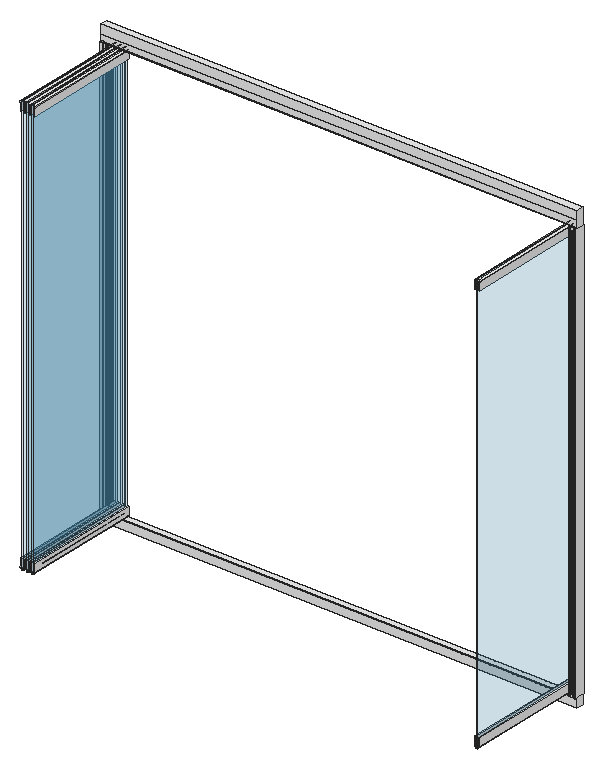
Revit family "Window-NanaWall-SL-25", category Windows, host Wall, Revit 2013 (continued)
Definition of nested family "Header_SL-25"
  Definition of nested family "Detail Item_Header_SL-25"
    Lines and regions (in)
      model lines, style "DetailComponents", in view "Ref. Level"
        curve 582: line (-0.27125, -6.98521, 0) -> (-0.42625, -6.98521, 0)
        curve 583: line (-0.25187, -6.94368, 0) -> (-0.25187, -6.96583, 0)
        curve 584: line (-0.25187, -6.96583, 0) -> (-0.25187, -6.94368, 0)
        curve 585: line (-0.25187, -6.94368, 0) -> (-0.27622, -6.91933, 0)
        curve 586: line (-0.42625, -6.88833, 0) -> (-0.37712, -6.88833, 0)
        curve 587: line (-0.37712, -6.88833, 0) -> (-0.42625, -6.88833, 0)
        curve 588: line (-0.42625, -6.88833, 0) -> (-0.37712, -6.88833, 0)
        curve 589: line (-0.42625, -6.81083, 0) -> (-0.37712, -6.81083, 0)
        curve 590: line (-0.37712, -6.81083, 0) -> (-0.42625, -6.81083, 0)
        curve 591: line (-0.42625, -6.81083, 0) -> (-0.37712, -6.81083, 0)
        curve 592: line (-0.27622, -6.77983, 0) -> (-0.2552, -6.75881, 0)
        curve 593: line (-0.50375, -6.69458, 0) -> (-0.50375, -6.22958, 0)
        curve 594: line (-0.50375, -6.22958, 0) -> (-0.50375, -6.69458, 0)
        curve 595: line (-0.50375, -6.69458, 0) -> (-0.50375, -6.22958, 0)
        curve 596: line (-0.44562, -5.00896, 0) -> (-0.44562, -5.24146, 0)
        curve 597: line (-0.44562, -5.24146, 0) -> (-0.44562, -5.00896, 0)
        curve 598: line (-0.44562, -5.00896, 0) -> (-0.44562, -5.24146, 0)
        curve 599: line (0.32163, -6.90771, 0) -> (0.32163, -6.92708, 0)
        curve 600: line (0.32163, -6.92708, 0) -> (0.39719, -6.92708, 0)
        curve 601: line (0.39719, -6.92708, 0) -> (0.43059, -6.83531, 0)
        curve 602: line (0.32938, -4.19521, 0) -> (0.39525, -4.19521, 0)
        curve 603: line (0.39525, -4.19521, 0) -> (0.39525, -4.23396, 0)
        curve 604: line (0.39525, -4.23396, 0) -> (0.34875, -4.23396, 0)
        curve 605: line (0.34875, -4.23396, 0) -> (0.34875, -4.29208, 0)
        curve 606: line (0.34875, -4.29208, 0) -> (0.56188, -4.29208, 0)
        curve 607: line (0.56188, -4.29208, 0) -> (0.56188, -4.23396, 0)
        curve 608: line (0.56188, -4.23396, 0) -> (0.51538, -4.23396, 0)
        curve 609: line (0.51538, -4.23396, 0) -> (0.51538, -4.19521, 0)
        curve 610: line (0.51538, -4.19521, 0) -> (0.62, -4.19521, 0)
        curve 611: line (0.62, -4.19521, 0) -> (0.62, -6.83021, 0)
        curve 612: line (0.29062, -4.23396, 0) -> (0.29062, -4.30018, 0)
        curve 613: line (0.40874, -4.36157, 0) -> (0.31935, -4.33761, 0)
        curve 614: line (0.50375, -4.34246, 0) -> (0.43666, -4.34246, 0)
        curve 615: line (0.43666, -4.34246, 0) -> (0.41573, -4.36002, 0)
        curve 616: line (0.5425, -6.83021, 0) -> (0.5425, -4.38121, 0)
        curve 617: line (0.44459, -6.83408, 0) -> (0.4855, -6.90495, 0)
        curve 618: line (0.89125, -1.12767, 0) -> (0.89125, -1.37274, 0)
        curve 619: line (-0.89125, -1.12767, 0) -> (-0.89125, -1.37274, 0)
        curve 620: line (-0.89125, -1.51517, 0) -> (-0.89125, -1.76024, 0)
        curve 621: line (-0.90094, -1.92348, 0) -> (-0.90094, -2.08333, 0)
        curve 622: line (-0.94937, -2.10271, 0) -> (-0.92031, -2.10271, 0)
        curve 623: line (0.89125, -1.51517, 0) -> (0.89125, -1.76024, 0)
        curve 624: line (0.90094, -1.92348, 0) -> (0.90094, -2.08333, 0)
        curve 625: line (0.92031, -2.10271, 0) -> (0.94938, -2.10271, 0)
        curve 626: line (-0.27706, -0.25821, 0) -> (-0.33906, -0.25821, 0)
        curve 627: line (-0.33906, -0.25821, 0) -> (-0.33906, -0.32796, 0)
        curve 628: line (-0.33906, -0.32796, 0) -> (-0.21312, -0.32796, 0)
        curve 629: line (-0.41656, -0.31633, 0) -> (-0.41656, -0.22333, 0)
        curve 630: line (-0.89125, -0.74017, 0) -> (-0.89125, -0.98524, 0)
        curve 631: line (-0.89125, -0.38949, 0) -> (-0.89125, -0.59774, 0)
        curve 632: line (-0.81808, -0.31823, 0) -> (-0.81347, -0.33543, 0)
        curve 633: line (-0.21312, -0.40546, 0) -> (-0.52312, -0.40546, 0)
        curve 634: line (-0.52312, -0.33571, 0) -> (-0.43594, -0.33571, 0)
        curve 635: line (-0.5425, -0.38608, 0) -> (-0.5425, -0.35508, 0)
        curve 636: line (-0.19375, -0.34733, 0) -> (-0.19375, -0.38608, 0)
        curve 637: line (-0.96875, -2.08333, 0) -> (-0.96875, -0.01021, 0)
        curve 638: line (-0.96875, -0.01021, 0) -> (-0.91062, -0.01021, 0)
        curve 639: line (-0.91062, -0.01021, 0) -> (-0.91062, -0.12646, 0)
        curve 640: line (-0.91062, -0.12646, 0) -> (-0.34681, -0.12646, 0)
        curve 641: line (-0.43594, -0.20396, 0) -> (-0.70572, -0.20396, 0)
        curve 642: line (-0.75978, -0.28173, 0) -> (-0.77698, -0.27713, 0)
        curve 643: line (0.25769, -0.23883, 0) -> (0.25769, -0.06058, 0)
        curve 644: line (0.25769, -0.06058, 0) -> (0.02014, -0.06058, 0)
        curve 645: line (0.02014, -0.06058, 0) -> (0, -0.04896, 0)
        curve 646: line (0, -0.04896, 0) -> (-0.02014, -0.06058, 0)
        curve 647: line (-0.02014, -0.06058, 0) -> (-0.25769, -0.06058, 0)
        curve 648: line (-0.25769, -0.06058, 0) -> (-0.25769, -0.23883, 0)
        curve 649: line (0.41656, -0.31633, 0) -> (0.41656, -0.22333, 0)
        curve 650: line (0.27706, -0.25821, 0) -> (0.33906, -0.25821, 0)
        curve 651: line (0.33906, -0.25821, 0) -> (0.33906, -0.32796, 0)
        curve 652: line (0.33906, -0.32796, 0) -> (0.21313, -0.32796, 0)
        curve 653: line (0.21313, -0.40546, 0) -> (0.52313, -0.40546, 0)
        curve 654: line (0.19375, -0.34733, 0) -> (0.19375, -0.38608, 0)
        curve 655: line (0.52313, -0.33571, 0) -> (0.43594, -0.33571, 0)
        curve 656: line (0.5425, -0.38608, 0) -> (0.5425, -0.35508, 0)
        curve 657: line (0.89125, -0.74017, 0) -> (0.89125, -0.98524, 0)
        curve 658: line (0.89125, -0.38949, 0) -> (0.89125, -0.59774, 0)
        curve 659: line (0.81808, -0.31823, 0) -> (0.81347, -0.33543, 0)
        curve 660: line (0.96875, -2.08333, 0) -> (0.96875, -0.01021, 0)
        curve 661: line (0.96875, -0.01021, 0) -> (0.91062, -0.01021, 0)
        curve 662: line (0.91062, -0.01021, 0) -> (0.91062, -0.12646, 0)
        curve 663: line (0.91062, -0.12646, 0) -> (0.34681, -0.12646, 0)
        curve 664: line (0.34681, -0.12646, 0) -> (0.34681, 0.02854, 0)
        curve 665: line (0.34681, 0.02854, 0) -> (-0.34681, 0.02854, 0)
        curve 666: line (-0.34681, 0.02854, 0) -> (-0.34681, -0.12646, 0)
        curve 667: line (0.43594, -0.20396, 0) -> (0.70572, -0.20396, 0)
        curve 668: line (0.75978, -0.28173, 0) -> (0.77698, -0.27713, 0)
        curve 669: line (-0.155, -0.32796, 0) -> (-0.155, -0.82783, 0)
        curve 670: line (-0.12594, -0.34346, 0) -> (-0.12594, -0.82783, 0)
        curve 671: line (0.12594, -0.34346, 0) -> (0.12594, -0.82783, 0)
        curve 672: line (0.155, -0.32796, 0) -> (0.155, -0.82783, 0)
        curve 673: line (0.25188, -1.06033, 0) -> (0.25188, -0.82783, 0)
        curve 674: line (0.25188, -0.82783, 0) -> (-0.25188, -0.82783, 0)
        curve 675: line (-0.25188, -0.82783, 0) -> (-0.25188, -1.06033, 0)
        curve 676: line (-0.25188, -1.03784, 0) -> (-0.22273, -1.04666, 0)
        curve 677: line (-0.22273, -1.04666, 0) -> (-0.1947, -1.05328, 0)
        curve 678: line (-0.1947, -1.05328, 0) -> (-0.16713, -1.05776, 0)
        curve 679: line (-0.16713, -1.05776, 0) -> (-0.13967, -1.06004, 0)
        curve 680: line (-0.13967, -1.06004, 0) -> (-0.11221, -1.06004, 0)
        curve 681: line (-0.11221, -1.06004, 0) -> (-0.08474, -1.05776, 0)
        curve 682: line (-0.08474, -1.05776, 0) -> (-0.05717, -1.05328, 0)
        curve 683: line (-0.05717, -1.05328, 0) -> (-0.02915, -1.04666, 0)
        curve 684: line (-0.02915, -1.04666, 0) -> (0, -1.03784, 0)
        curve 685: line (0.20203, -1.13783, 0) -> (-0.20203, -1.13783, 0)
        curve 686: line (-0.23726, -1.07154, 0) -> (-0.21278, -1.13066, 0)
        curve 687: line (-0.21278, -1.13066, 0) -> (0.21278, -1.13066, 0)
        curve 688: line (0.21278, -1.13066, 0) -> (0.23726, -1.07154, 0)
        curve 689: line (0.23726, -1.07154, 0) -> (-0.23726, -1.07154, 0)
        curve 690: line (0.25188, -1.06033, 0) -> (0.24219, -1.06592, 0)
        curve 691: line (0.24219, -1.06592, 0) -> (-0.24219, -1.06592, 0)
        curve 692: line (-0.24219, -1.06592, 0) -> (-0.25188, -1.06033, 0)
        curve 693: line (0.25188, -1.03784, 0) -> (0.22568, -1.04585, 0)
        curve 694: line (0.22568, -1.04585, 0) -> (0.20042, -1.05209, 0)
        curve 695: line (0.20042, -1.05209, 0) -> (0.17554, -1.05662, 0)
        curve 696: line (0.17554, -1.05662, 0) -> (0.15074, -1.05939, 0)
        curve 697: line (0.15074, -1.05939, 0) -> (0.12594, -1.06033, 0)
        curve 698: line (0.12594, -1.06033, 0) -> (0.101, -1.05938, 0)
        curve 699: line (0.101, -1.05938, 0) -> (0.07612, -1.05659, 0)
        curve 700: line (0.07612, -1.05659, 0) -> (0.0512, -1.05203, 0)
        curve 701: line (0.0512, -1.05203, 0) -> (0.026, -1.0458, 0)
        curve 702: line (0.026, -1.0458, 0) -> (0, -1.03784, 0)
        curve 703: line (0, -1.03784, 0) -> (0, -0.85033, 0)
        curve 704: line (0, -0.85033, 0) -> (-0.02635, -0.84227, 0)
        curve 705: line (-0.02635, -0.84227, 0) -> (-0.05166, -0.83603, 0)
        curve 706: line (-0.05166, -0.83603, 0) -> (-0.07652, -0.83152, 0)
        curve 707: line (-0.07652, -0.83152, 0) -> (-0.10124, -0.82876, 0)
        curve 708: line (-0.10124, -0.82876, 0) -> (-0.12594, -0.82783, 0)
        curve 709: line (-0.12594, -0.82783, 0) -> (-0.15064, -0.82876, 0)
        curve 710: line (-0.15064, -0.82876, 0) -> (-0.17536, -0.83152, 0)
        curve 711: line (-0.17536, -0.83152, 0) -> (-0.20022, -0.83603, 0)
        curve 712: line (-0.20022, -0.83603, 0) -> (-0.22553, -0.84227, 0)
        curve 713: line (-0.22553, -0.84227, 0) -> (-0.25188, -0.85033, 0)
        curve 714: line (0.25188, -0.85033, 0) -> (0.22568, -0.84231, 0)
        curve 715: line (0.22568, -0.84231, 0) -> (0.20042, -0.83608, 0)
        curve 716: line (0.20042, -0.83608, 0) -> (0.17554, -0.83154, 0)
        curve 717: line (0.17554, -0.83154, 0) -> (0.15074, -0.82877, 0)
        curve 718: line (0.15074, -0.82877, 0) -> (0.12594, -0.82783, 0)
        curve 719: line (0.12594, -0.82783, 0) -> (0.101, -0.82878, 0)
        curve 720: line (0.101, -0.82878, 0) -> (0.07612, -0.83158, 0)
        curve 721: line (0.07612, -0.83158, 0) -> (0.0512, -0.83613, 0)
        curve 722: line (0.0512, -0.83613, 0) -> (0.026, -0.84237, 0)
        curve 723: line (0.026, -0.84237, 0) -> (0, -0.85033, 0)
        curve 724: line (0.155, -0.34346, 0) -> (-0.155, -0.34346, 0)
        curve 725: line (0.2325, -0.07221, 0) -> (-0.2325, -0.07221, 0)
        curve 726: line (0.31, -0.32796, 0) -> (-0.31, -0.32796, 0)
        curve 727: line (-0.31, -0.32796, 0) -> (-0.31, -0.26596, 0)
        curve 728: line (-0.31, -0.26596, 0) -> (0.31, -0.26596, 0)
        curve 729: line (0.31, -0.26596, 0) -> (0.31, -0.32796, 0)
        curve 730: line (-0.25187, -0.09158, 0) -> (-0.25187, -0.26596, 0)
        curve 731: line (0.25188, -0.09158, 0) -> (0.25188, -0.26596, 0)
        curve 732: line (0.60644, -3.96271, 0) -> (0.60644, -3.92396, 0)
        curve 733: line (0.60644, -3.92396, 0) -> (0.42044, -3.92396, 0)
        curve 734: line (0.42044, -3.92396, 0) -> (0.42044, -3.96271, 0)
        curve 735: line (0.42044, -3.96271, 0) -> (0.60644, -3.96271, 0)
        curve 736: line (0.47409, -3.96271, 0) -> (0.43309, -4.19521, 0)
        curve 737: line (0.49376, -3.96271, 0) -> (0.45277, -4.19521, 0)
        curve 738: line (0.51344, -4.19521, 0) -> (0.51344, -3.96271, 0)
        curve 739: line (0.51344, -3.96271, 0) -> (0.47244, -4.19521, 0)
        curve 740: line (0.51344, -3.96271, 0) -> (0.55443, -4.19521, 0)
        curve 741: line (0.53311, -3.96271, 0) -> (0.57411, -4.19521, 0)
        curve 742: line (0.55279, -3.96271, 0) -> (0.59378, -4.19521, 0)
        curve 743: line (-0.42044, -3.96271, 0) -> (-0.42044, -3.92396, 0)
        curve 744: line (-0.42044, -3.92396, 0) -> (-0.60644, -3.92396, 0)
        curve 745: line (-0.60644, -3.92396, 0) -> (-0.60644, -3.96271, 0)
        curve 746: line (-0.60644, -3.96271, 0) -> (-0.42044, -3.96271, 0)
        curve 747: line (-0.55279, -3.96271, 0) -> (-0.59378, -4.19521, 0)
        curve 748: line (-0.53311, -3.96271, 0) -> (-0.57411, -4.19521, 0)
        curve 749: line (-0.51344, -4.19521, 0) -> (-0.51344, -3.96271, 0)
        curve 750: line (-0.51344, -3.96271, 0) -> (-0.55443, -4.19521, 0)
        curve 751: line (-0.51344, -3.96271, 0) -> (-0.47244, -4.19521, 0)
        curve 752: line (-0.49376, -3.96271, 0) -> (-0.45277, -4.19521, 0)
        curve 753: line (-0.47409, -3.96271, 0) -> (-0.43309, -4.19521, 0)
        curve 754: line (-0.19375, -6.92708, 0) -> (-0.19375, -6.94978, 0)
        curve 755: line (-0.19375, -6.86896, 0) -> (-0.20507, -6.90291, 0)
        curve 756: line (-0.19375, -6.81083, 0) -> (-0.20507, -6.84479, 0)
        curve 757: line (-0.19502, -6.75653, 0) -> (-0.20507, -6.78666, 0)
        curve 758: line (-0.20295, -6.73408, 0) -> (-0.21006, -6.72953, 0)
        curve 759: line (-0.23683, -6.73539, 0) -> (-0.26819, -6.78433, 0)
        curve 760: line (-0.26819, -6.91484, 0) -> (-0.25187, -6.9403, 0)
        curve 761: line (-0.25187, -6.94368, 0) -> (-0.25187, -6.96583, 0)
        curve 762: line (-0.25187, -6.96583, 0) -> (-0.25187, -6.97718, 0)
        curve 763: line (-0.2188, -6.99088, 0) -> (-0.2051, -6.97718, 0)
        curve 764: line (-0.29062, -6.28771, 0) -> (-0.29062, -6.29546, 0)
        curve 765: line (-0.29062, -6.33421, 0) -> (-0.29062, -6.51246, 0)
        curve 766: line (-0.29062, -6.55121, 0) -> (-0.29062, -6.55896, 0)
        curve 767: line (-0.42625, -6.61708, 0) -> (-0.42625, -6.69458, 0)
        curve 768: line (-0.42625, -6.69458, 0) -> (-0.42625, -6.61708, 0)
        curve 769: line (-0.42625, -6.61708, 0) -> (-0.43804, -6.61708, 0)
        curve 770: line (-0.43804, -6.61708, 0) -> (-0.48437, -6.61708, 0)
        curve 771: line (-0.48437, -6.61708, 0) -> (-0.48437, -6.53958, 0)
        curve 772: line (-0.48437, -6.53721, 0) -> (-0.48437, -6.5202, 0)
        curve 773: line (-0.48437, -6.5202, 0) -> (-0.48437, -6.42333, 0)
        curve 774: line (-0.48437, -6.42333, 0) -> (-0.48437, -6.32646, 0)
        curve 775: line (-0.48437, -6.32646, 0) -> (-0.48437, -6.30946, 0)
        curve 776: line (-0.48437, -6.30708, 0) -> (-0.48437, -6.22958, 0)
        curve 777: line (-0.48437, -6.22958, 0) -> (-0.43804, -6.22958, 0)
        curve 778: line (-0.43804, -6.22958, 0) -> (-0.29062, -6.22958, 0)
        curve 779: line (-0.34875, -6.61708, 0) -> (-0.29062, -6.61708, 0)
        curve 780: line (-0.2325, -6.29546, 0) -> (-0.29837, -6.29546, 0)
        curve 781: line (-0.29837, -6.29546, 0) -> (-0.29837, -6.26446, 0)
        curve 782: line (-0.31, -6.25774, 0) -> (-0.40486, -6.31251, 0)
        curve 783: line (-0.39905, -6.33421, 0) -> (-0.2325, -6.33421, 0)
        curve 784: line (-0.2325, -6.51246, 0) -> (-0.39905, -6.51246, 0)
        curve 785: line (-0.40486, -6.53415, 0) -> (-0.31, -6.58892, 0)
        curve 786: line (-0.29837, -6.58221, 0) -> (-0.29837, -6.55121, 0)
        curve 787: line (-0.29837, -6.55121, 0) -> (-0.2325, -6.55121, 0)
        curve 788: line (-0.19375, -5.51271, 0) -> (-0.19375, -5.47396, 0)
        curve 789: line (-0.19375, -5.47396, 0) -> (-0.2325, -5.47396, 0)
        curve 790: line (-0.2325, -5.47396, 0) -> (-0.2325, -5.70646, 0)
        curve 791: line (-0.2325, -5.70646, 0) -> (-0.2325, -5.91958, 0)
        curve 792: line (-0.2325, -5.91958, 0) -> (-0.2325, -6.15208, 0)
        curve 793: line (-0.2325, -6.15208, 0) -> (-0.2325, -6.26833, 0)
        curve 794: line (-0.2325, -6.26833, 0) -> (-0.2325, -6.57833, 0)
        curve 795: line (-0.2325, -6.57833, 0) -> (-0.2325, -6.70401, 0)
        curve 796: line (-0.2325, -6.65583, 0) -> (-0.21312, -6.65583, 0)
        curve 797: line (-0.21312, -6.65583, 0) -> (-0.19375, -6.61708, 0)
        curve 798: line (-0.19375, -6.61708, 0) -> (-0.19375, -5.59021, 0)
        curve 799: line (-0.19375, -5.59021, 0) -> (-0.19375, -5.51271, 0)
        curve 800: line (-0.19375, -5.51271, 0) -> (0.19375, -5.51271, 0)
        curve 801: line (0.19375, -5.51271, 0) -> (0.19375, -5.47396, 0)
        curve 802: line (0.19375, -5.47396, 0) -> (-0.19375, -5.47396, 0)
        curve 803: line (0.52506, -6.84705, 0) -> (0.52506, -6.82702, 0)
        curve 804: line (0.52506, -6.82702, 0) -> (0.50676, -6.79531, 0)
        curve 805: line (0.39719, -6.82246, 0) -> (0.45531, -6.82246, 0)
        curve 806: line (0.45531, -6.82246, 0) -> (0.47695, -6.85994, 0)
        curve 807: line (0.37781, -6.79146, 0) -> (0.37781, -6.80308, 0)
        curve 808: line (0.14531, -5.27052, 0) -> (0.14531, -5.32864, 0)
        curve 809: line (0.36813, -4.43933, 0) -> (0.37781, -4.43933, 0)
        curve 810: line (0.37781, -4.43933, 0) -> (0.37781, -5.13734, 0)
        curve 811: line (0.37781, -5.13734, 0) -> (0.24219, -5.25114, 0)
        curve 812: line (0.24219, -5.25114, 0) -> (0.16469, -5.25114, 0)
        curve 813: line (0.34875, -4.40058, 0) -> (0.34875, -4.41996, 0)
        curve 814: line (0.42869, -4.35939, 0) -> (0.40688, -4.38121, 0)
        curve 815: line (0.40688, -4.38121, 0) -> (0.36813, -4.38121, 0)
        curve 816: line (0.45531, -6.24896, 0) -> (0.45531, -6.22958, 0)
        curve 817: line (0.45531, -6.22958, 0) -> (0.47469, -6.21021, 0)
        curve 818: line (0.47469, -6.21021, 0) -> (0.47469, -5.41665, 0)
        curve 819: line (0.47469, -5.41665, 0) -> (0.35844, -5.3191, 0)
        curve 820: line (0.35844, -5.3191, 0) -> (0.35844, -5.28006, 0)
        curve 821: line (0.35844, -5.28006, 0) -> (0.47469, -5.18251, 0)
        curve 822: line (0.47469, -5.18251, 0) -> (0.47469, -4.81597, 0)
        curve 823: line (0.47469, -4.81597, 0) -> (0.46306, -4.79583, 0)
        curve 824: line (0.46306, -4.79583, 0) -> (0.47469, -4.7757, 0)
        curve 825: line (0.47469, -4.7757, 0) -> (0.47469, -4.44708, 0)
        curve 826: line (0.47469, -4.44708, 0) -> (0.50569, -4.44708, 0)
        curve 827: line (0.27125, -4.92177, 0) -> (0.27125, -4.66989, 0)
        curve 828: line (-0.34875, -4.778, 0) -> (-0.34875, -4.81366, 0)
        curve 829: line (0.27125, -4.52458, 0) -> (0.27125, -4.7757, 0)
        curve 830: line (0.27125, -4.7757, 0) -> (0.27125, -4.81597, 0)
        curve 831: line (0.155, -3.18771, 0) -> (0.155, -3.20771, 0)
        curve 832: line (-0.155, -3.18771, 0) -> (-0.155, -3.20771, 0)
        curve 833: line (-0.32937, -3.38146, 0) -> (-0.38033, -3.35204, 0)
        curve 834: line (-0.38033, -3.35204, 0) -> (-0.38033, -3.21713, 0)
        curve 835: line (-0.38033, -3.21713, 0) -> (-0.32937, -3.18771, 0)
        curve 836: line (-0.32937, -3.18771, 0) -> (-0.31, -3.18771, 0)
        curve 837: line (-0.31, -3.18771, 0) -> (-0.28525, -3.18771, 0)
        curve 838: line (-0.28525, -3.18771, 0) -> (0, -3.18771, 0)
        curve 839: line (0, -3.18771, 0) -> (0.28525, -3.18771, 0)
        curve 840: line (0.28525, -3.18771, 0) -> (0.31, -3.18771, 0)
        curve 841: line (0.31, -3.18771, 0) -> (0.32937, -3.18771, 0)
        curve 842: line (0.32937, -3.18771, 0) -> (0.38033, -3.21713, 0)
        curve 843: line (0.38033, -3.21713, 0) -> (0.38033, -3.35204, 0)
        curve 844: line (0.32938, -3.38146, 0) -> (0.33664, -3.37726, 0)
        curve 845: line (0.33664, -3.37726, 0) -> (0.38033, -3.35204, 0)
        curve 846: line (-0.19016, -3.21713, 0) -> (-0.19016, -3.35204, 0)
        curve 847: line (0.19016, -3.21713, 0) -> (0.19016, -3.35204, 0)
        curve 848: line (-0.3875, -2.49021, 0) -> (-0.3875, -2.36837, 0)
        curve 849: line (-0.3875, -2.36837, 0) -> (-0.3875, -2.49021, 0)
        curve 850: line (0.3875, -2.49021, 0) -> (0.3875, -2.36837, 0)
        curve 851: line (0.3875, -2.36837, 0) -> (0.3875, -2.49021, 0)
        curve 852: line (0.3875, -3.16833, 0) -> (0.3875, -2.98837, 0)
        curve 853: line (0.3875, -2.98837, 0) -> (0.3875, -3.16833, 0)
        curve 854: line (0.3875, -3.16833, 0) -> (0.32938, -3.16833, 0)
        curve 855: line (0.32938, -3.16833, 0) -> (-0.32937, -3.16833, 0)
        curve 856: line (-0.32937, -3.16833, 0) -> (-0.3875, -3.16833, 0)
        curve 857: line (-0.3875, -3.16833, 0) -> (-0.3875, -2.98837, 0)
        curve 858: line (-0.3875, -2.98837, 0) -> (-0.3875, -3.16833, 0)
        curve 859: line (-0.31, -3.18771, 0) -> (-0.32937, -3.16833, 0)
        curve 860: line (-0.32937, -3.16833, 0) -> (-0.31, -3.18771, 0)
        curve 861: line (0.31, -3.18771, 0) -> (0.32938, -3.16833, 0)
        curve 862: line (0.32938, -3.16833, 0) -> (0.31, -3.18771, 0)
        curve 863: line (0.65132, -3.82708, 0) -> (0.65907, -3.78313, 0)
        curve 864: line (0.62, -3.18771, 0) -> (0.62, -3.24583, 0)
        curve 865: line (0.6665, -3.82708, 0) -> (0.6665, -3.16833, 0)
        curve 866: line (0.6665, -3.16833, 0) -> (0.63938, -3.16833, 0)
        curve 867: line (0.52313, -3.74958, 0) -> (0.53475, -3.74958, 0)
        curve 868: line (0.53475, -3.74958, 0) -> (0.53475, -3.70563, 0)
        curve 869: line (0.53475, -3.70563, 0) -> (0.52313, -3.70563, 0)
        curve 870: line (0.73625, -3.82708, 0) -> (0.53475, -3.82708, 0)
        curve 871: line (0.53475, -3.82708, 0) -> (0.53475, -3.78313, 0)
        curve 872: line (0.53475, -3.78313, 0) -> (0.53475, -3.74958, 0)
        curve 873: line (0.52313, -3.36728, 0) -> (0.53475, -3.36728, 0)
        curve 874: line (0.53475, -3.36728, 0) -> (0.53475, -3.28978, 0)
        curve 875: line (0.53475, -3.28978, 0) -> (0.53475, -3.24583, 0)
        curve 876: line (0.53475, -3.24583, 0) -> (0.65132, -3.24583, 0)
        curve 877: line (0.65132, -3.24583, 0) -> (0.65907, -3.28978, 0)
        curve 878: line (0.65907, -3.28978, 0) -> (0.65907, -3.78313, 0)
        curve 879: line (0.65907, -3.78313, 0) -> (0.65132, -3.78313, 0)
        curve 880: line (0.65132, -3.78313, 0) -> (0.53475, -3.78313, 0)
        curve 881: line (0.73625, -3.24583, 0) -> (0.6975, -3.24583, 0)
        curve 882: line (0.6975, -3.24583, 0) -> (0.6975, -3.18771, 0)
        curve 883: line (0.53475, -3.32333, 0) -> (0.52313, -3.32333, 0)
        curve 884: line (0.465, -3.32333, 0) -> (0.44563, -3.32333, 0)
        curve 885: line (0.44563, -3.32333, 0) -> (0.3875, -3.32333, 0)
        curve 886: line (0.3875, -3.32333, 0) -> (0.3875, -3.74958, 0)
        curve 887: line (0.3875, -3.74958, 0) -> (0.44563, -3.74958, 0)
        curve 888: line (0.44563, -3.74958, 0) -> (0.465, -3.74958, 0)
        curve 889: line (0.53475, -3.28978, 0) -> (0.65132, -3.28978, 0)
        curve 890: line (0.65132, -3.28978, 0) -> (0.65907, -3.28978, 0)
        curve 891: line (0.44563, -3.32333, 0) -> (0.44563, -3.74958, 0)
        curve 892: line (0.45225, -2.98837, 0) -> (0.47547, -2.97992, 0)
        curve 893: line (0.47547, -2.97992, 0) -> (0.45225, -2.98837, 0)
        curve 894: line (0.45225, -2.98837, 0) -> (-0.45225, -2.98837, 0)
        curve 895: line (-0.45225, -2.98837, 0) -> (-0.6572, -2.91377, 0)
        curve 896: line (-0.6572, -2.91377, 0) -> (-0.6975, -2.87347, 0)
        curve 897: line (-0.6975, -2.87347, 0) -> (-0.6975, -2.50958, 0)
        curve 898: line (-0.6975, -2.50958, 0) -> (-0.67812, -2.49021, 0)
        curve 899: line (-0.67812, -2.49021, 0) -> (-0.6975, -2.50958, 0)
        curve 900: line (-0.6975, -2.50958, 0) -> (-0.6975, -2.87347, 0)
        curve 901: line (-0.6975, -2.87347, 0) -> (-0.6572, -2.91377, 0)
        curve 902: line (-0.6572, -2.91377, 0) -> (-0.45225, -2.98837, 0)
        curve 903: line (0.67813, -2.49021, 0) -> (0.6975, -2.50958, 0)
        curve 904: line (0.6975, -2.50958, 0) -> (0.6975, -2.87347, 0)
        curve 905: line (0.6975, -2.87347, 0) -> (0.65758, -2.91339, 0)
        curve 906: line (0.65758, -2.91339, 0) -> (0.6975, -2.87347, 0)
        curve 907: line (0.6975, -2.87347, 0) -> (0.6975, -2.50958, 0)
        curve 908: line (0.6975, -2.50958, 0) -> (0.67813, -2.49021, 0)
        curve 909: line (0.67813, -2.49021, 0) -> (0.66069, -2.49021, 0)
        curve 910: line (0.66069, -2.49021, 0) -> (-0.66069, -2.49021, 0)
        curve 911: line (-0.66069, -2.49021, 0) -> (-0.67812, -2.49021, 0)
        curve 912: line (0.6975, -2.87347, 0) -> (-0.6975, -2.87347, 0)
        curve 913: line (0.65653, -2.91377, 0) -> (-0.6572, -2.91377, 0)
        curve 914: line (0.6975, -2.50958, 0) -> (0.61225, -2.50958, 0)
        curve 915: line (0.61225, -2.50958, 0) -> (0.59094, -2.50958, 0)
        curve 916: line (0.59094, -2.50958, 0) -> (-0.59094, -2.50958, 0)
        curve 917: line (-0.59094, -2.50958, 0) -> (-0.61225, -2.50958, 0)
        curve 918: line (-0.61225, -2.50958, 0) -> (-0.6975, -2.50958, 0)
        curve 919: line (-0.67812, -1.87021, 0) -> (-0.66069, -1.87021, 0)
        curve 920: line (-0.66069, -1.87021, 0) -> (-0.38749, -1.87021, 0)
        curve 921: line (-0.38749, -1.87021, 0) -> (0, -1.87021, 0)
        curve 922: line (0, -1.87021, 0) -> (0.38749, -1.87021, 0)
        curve 923: line (0.38749, -1.87021, 0) -> (0.66069, -1.87021, 0)
        curve 924: line (0.66069, -1.87021, 0) -> (0.67813, -1.87021, 0)
        curve 925: line (0.67813, -1.87021, 0) -> (0.6975, -1.88958, 0)
        curve 926: line (0.6975, -1.88958, 0) -> (0.6975, -2.25347, 0)
        curve 927: line (0.6975, -2.25347, 0) -> (0.6572, -2.29377, 0)
        curve 928: line (0.6572, -2.29377, 0) -> (0.45225, -2.36837, 0)
        curve 929: line (-0.6975, -1.88958, 0) -> (-0.6975, -2.25347, 0)
        curve 930: line (-0.6975, -2.25347, 0) -> (-0.65758, -2.29339, 0)
        curve 931: line (0.67813, -1.87021, 0) -> (0.6975, -1.88958, 0)
        curve 932: line (0.6975, -1.88958, 0) -> (0.6975, -2.25347, 0)
        curve 933: line (0.6975, -2.25347, 0) -> (0.6572, -2.29377, 0)
        curve 934: line (0.6572, -2.29377, 0) -> (0.45225, -2.36837, 0)
        curve 935: line (0.45225, -2.36837, 0) -> (-0.45225, -2.36837, 0)
        curve 936: line (-0.45225, -2.36837, 0) -> (-0.47557, -2.35988, 0)
        curve 937: line (-0.47557, -2.35988, 0) -> (-0.45225, -2.36837, 0)
        curve 938: line (0.6975, -2.25347, 0) -> (-0.6975, -2.25347, 0)
        curve 939: line (0.6572, -2.29377, 0) -> (-0.65653, -2.29377, 0)
        curve 940: line (0.6975, -1.88958, 0) -> (0.61225, -1.88958, 0)
        curve 941: line (0.61225, -1.88958, 0) -> (0.59094, -1.88958, 0)
        curve 942: line (0.59094, -1.88958, 0) -> (0.38751, -1.88958, 0)
        curve 943: line (0.38751, -1.88958, 0) -> (-0.3875, -1.88958, 0)
        curve 944: line (-0.3875, -1.88958, 0) -> (-0.59094, -1.88958, 0)
        curve 945: line (-0.59094, -1.88958, 0) -> (-0.61225, -1.88958, 0)
        curve 946: line (-0.61225, -1.88958, 0) -> (-0.6975, -1.88958, 0)
        curve 947: line (-0.6975, -1.88958, 0) -> (-0.67812, -1.87021, 0)
        curve 948: line (-0.67812, -1.87021, 0) -> (-0.6975, -1.88958, 0)
        curve 949: line (-0.6975, -1.88958, 0) -> (-0.6975, -2.25347, 0)
        curve 950: line (-0.6975, -2.25347, 0) -> (-0.65758, -2.29339, 0)
        curve 951: line (0.27125, -4.7757, 0) -> (0.25963, -4.79583, 0)
        curve 952: line (0.25963, -4.79583, 0) -> (0.27125, -4.81597, 0)
        curve 953: line (0.27125, -4.81597, 0) -> (0.27125, -4.98958, 0)
        curve 954: line (0.27125, -4.98958, 0) -> (0.27125, -5.00896, 0)
        curve 955: line (0.27125, -5.00896, 0) -> (0.27125, -5.06708, 0)
        curve 956: line (-0.31, -5.10583, 0) -> (-0.02014, -5.10583, 0)
        curve 957: line (-0.02014, -5.10583, 0) -> (0, -5.09421, 0)
        curve 958: line (0, -5.09421, 0) -> (0.02014, -5.10583, 0)
        curve 959: line (0.02014, -5.10583, 0) -> (0.2325, -5.10583, 0)
        curve 960: line (-0.40687, -5.20271, 0) -> (-0.36812, -5.20271, 0)
        curve 961: line (-0.42625, -5.18333, 0) -> (-0.42625, -5.06708, 0)
        curve 962: line (-0.42625, -5.06708, 0) -> (-0.34875, -4.98958, 0)
        curve 963: line (-0.34875, -4.98958, 0) -> (-0.34875, -4.81597, 0)
        curve 964: line (-0.34875, -4.81597, 0) -> (-0.33712, -4.79583, 0)
        curve 965: line (-0.33712, -4.79583, 0) -> (-0.34875, -4.7757, 0)
        curve 966: line (-0.34875, -4.7757, 0) -> (-0.34875, -4.60208, 0)
        curve 967: line (-0.34875, -4.60208, 0) -> (-0.42625, -4.52458, 0)
        curve 968: line (-0.42625, -4.52458, 0) -> (-0.42625, -4.40833, 0)
        curve 969: line (0.33906, -3.38146, 0) -> (0.36813, -3.38146, 0)
        curve 970: line (0.36813, -3.69146, 0) -> (0.33906, -3.69146, 0)
        curve 971: line (0.33906, -3.69146, 0) -> (-0.34875, -3.69146, 0)
        curve 972: line (0.155, -4.21458, 0) -> (0.21312, -4.21458, 0)
        curve 973: line (0.21313, -4.21458, 0) -> (0.155, -4.21458, 0)
        curve 974: line (0.155, -4.21458, 0) -> (-0.155, -4.21458, 0)
        curve 975: line (-0.155, -4.21458, 0) -> (-0.21312, -4.21458, 0)
        curve 976: line (-0.21312, -4.21458, 0) -> (-0.155, -4.21458, 0)
        curve 977: line (-0.155, -4.21458, 0) -> (0.155, -4.21458, 0)
        curve 978: line (0.33906, -3.69146, 0) -> (-0.34875, -3.69146, 0)
        curve 979: line (0.23638, -3.38146, 0) -> (0.26034, -3.38146, 0)
        curve 980: line (0.26034, -3.38146, 0) -> (0.28525, -3.38146, 0)
        curve 981: line (0.28525, -3.38146, 0) -> (0.30952, -3.38146, 0)
        curve 982: line (0.30952, -3.38146, 0) -> (0.32938, -3.38146, 0)
        curve 983: line (0.32938, -3.38146, 0) -> (0.33906, -3.38146, 0)
        curve 984: line (0.33906, -3.38146, 0) -> (0.32938, -3.38146, 0)
        curve 985: line (0.32938, -3.38146, 0) -> (0.30952, -3.38146, 0)
        curve 986: line (0.30952, -3.38146, 0) -> (0.28525, -3.38146, 0)
        curve 987: line (0.28525, -3.38146, 0) -> (0.26034, -3.38146, 0)
        curve 988: line (0.26034, -3.38146, 0) -> (-0.67812, -3.38146, 0)
        curve 989: line (-0.67253, -3.38146, 0) -> (-0.63655, -3.38146, 0)
        curve 990: line (-0.63655, -3.38146, 0) -> (-0.67812, -3.38146, 0)
        curve 991: line (0.31, -4.05958, 0) -> (0.31, -4.09031, 0)
        curve 992: line (0.31, -4.09031, 0) -> (0.31, -4.05958, 0)
        curve 993: line (0.31, -4.05958, 0) -> (0.31, -3.73021, 0)
        curve 994: line (0.31, -3.73021, 0) -> (0.31, -4.05958, 0)
        curve 995: line (-0.31, -4.09031, 0) -> (-0.31, -4.05958, 0)
        curve 996: line (-0.31, -4.05958, 0) -> (-0.31, -3.73021, 0)
        curve 997: line (-0.31, -3.73021, 0) -> (-0.31, -4.05958, 0)
        curve 998: line (-0.31, -4.05958, 0) -> (-0.31, -4.09031, 0)
        curve 999: line (-0.2325, -4.46646, 0) -> (-0.2325, -4.23396, 0)
        curve 1000: line (-0.2325, -4.23396, 0) -> (-0.2325, -4.20793, 0)
        curve 1001: line (-0.30433, -4.10401, 0) -> (-0.2552, -4.15313, 0)
        curve 1002: line (0.2552, -4.15313, 0) -> (0.30433, -4.10401, 0)
        curve 1003: line (-0.6975, -3.40083, 0) -> (-0.6975, -3.67208, 0)
        curve 1004: line (0.2325, -4.46646, 0) -> (0.2325, -4.23396, 0)
        curve 1005: line (0.2325, -4.23396, 0) -> (0.2325, -4.20793, 0)
        curve 1006: line (-0.02014, -4.48583, 0) -> (0.02014, -4.48583, 0)
        curve 1007: line (0.67813, -3.16833, 0) -> (0.6665, -3.16833, 0)
        curve 1008: line (0.775, -3.28458, 0) -> (0.775, -3.78833, 0)
        curve 1009: line (0.155, -3.36145, 0) -> (0.155, -3.38146, 0)
        curve 1010: line (-0.155, -3.36145, 0) -> (-0.155, -3.38146, 0)
        curve 1011: line (0.47469, -5.18028, 0) -> (0.50569, -5.15427, 0)
        curve 1012: line (0.50569, -5.15427, 0) -> (0.50569, -5.21046, 0)
        curve 1013: line (0.50569, -5.21046, 0) -> (0.50569, -5.21932, 0)
        curve 1014: line (0.50569, -5.21932, 0) -> (0.50569, -5.29958, 0)
        curve 1015: line (0.50569, -5.29958, 0) -> (0.50569, -5.37984, 0)
        curve 1016: line (0.50569, -5.37984, 0) -> (0.50569, -5.38871, 0)
        curve 1017: line (0.50569, -5.38871, 0) -> (0.50569, -5.44489, 0)
        curve 1018: line (0.50569, -5.44489, 0) -> (0.47469, -5.41888, 0)
        curve 1019: line (0.16255, -5.35616, 0) -> (0.15605, -5.35616, 0)
        curve 1020: line (0.2168, -5.35616, 0) -> (0.20798, -5.35616, 0)
        curve 1021: line (0.25189, -5.35616, 0) -> (0.24011, -5.35616, 0)
        curve 1022: line (0.24501, -5.24301, 0) -> (0.23296, -5.24301, 0)
        curve 1023: line (0.19076, -5.24301, 0) -> (0.18201, -5.24301, 0)
        curve 1024: line (0.13651, -5.24301, 0) -> (0.13009, -5.24301, 0)
        curve 1025: line (0.05812, -5.24339, 0) -> (0.00194, -5.29958, 0)
        curve 1026: line (0.00194, -5.29958, 0) -> (0.05851, -5.35616, 0)
        curve 1027: line (0.05851, -5.35616, 0) -> (0.07412, -5.35616, 0)
        curve 1028: line (0.05851, -5.35616, 0) -> (0.05851, -5.29958, 0)
        curve 1029: line (0.05851, -5.29958, 0) -> (0.05851, -5.24339, 0)
        curve 1030: line (0.25495, -5.22456, 0) -> (0.25035, -5.23233, 0)
        curve 1031: line (0.25035, -5.23233, 0) -> (0.24614, -5.23936, 0)
        curve 1032: line (0.26181, -5.23226, 0) -> (0.25779, -5.22546, 0)
        curve 1033: line (0.21565, -5.35426, 0) -> (0.21901, -5.3598, 0)
        curve 1034: line (0.21901, -5.3598, 0) -> (0.22349, -5.36727, 0)
        curve 1035: line (0.1961, -5.23233, 0) -> (0.19188, -5.23937, 0)
        curve 1036: line (0.16132, -5.35414, 0) -> (0.16476, -5.3598, 0)
        curve 1037: line (0.16476, -5.3598, 0) -> (0.16897, -5.36683, 0)
        curve 1038: line (0.14185, -5.23233, 0) -> (0.13764, -5.23937, 0)
        curve 1039: line (0.10715, -5.35427, 0) -> (0.11051, -5.35979, 0)
        curve 1040: line (0.11051, -5.35979, 0) -> (0.11468, -5.36675, 0)
        curve 1041: line (0.0908, -5.22692, 0) -> (0.0876, -5.23233, 0)
        curve 1042: line (0.0876, -5.23233, 0) -> (0.08338, -5.23937, 0)
        curve 1043: line (0.32309, -7.03187, 0) -> (0.34734, -6.99742, 0)
        curve 1044: line (0.465, -6.98521, 0) -> (0.29062, -6.98521, 0)
        curve 1045: line (0.29062, -6.98521, 0) -> (0.29062, -6.88833, 0)
        curve 1046: line (0.29062, -6.88833, 0) -> (0.30225, -6.88833, 0)
        curve 1047: line (0.30225, -6.88833, 0) -> (0.29062, -6.88833, 0)
        curve 1048: line (0.29062, -6.88833, 0) -> (0.29062, -6.98521, 0)
        curve 1049: line (0.29062, -6.98521, 0) -> (0.341, -6.98521, 0)
        curve 1050: line (0.341, -6.98521, 0) -> (0.29062, -6.98521, 0)
        curve 1051: line (0.29062, -6.98521, 0) -> (0.29062, -6.88833, 0)
        curve 1052: line (0.29062, -6.88833, 0) -> (0.30225, -6.88833, 0)
        curve 1053: line (0.30225, -6.88833, 0) -> (0.31388, -6.88833, 0)
        curve 1054: line (0.31967, -6.87543, 0) -> (0.22084, -6.74241, 0)
        curve 1055: line (0.19551, -6.75987, 0) -> (0.25174, -6.91162, 0)
        curve 1056: line (0.21438, -6.99971, 0) -> (0.20765, -7.00267, 0)
        curve 1057: line (0.21851, -7.04716, 0) -> (0.3085, -7.04006, 0)
        curve 1058: line (0.19375, -7.85708, 0) -> (0.19375, -5.59021, 0)
        curve 1059: line (0.19375, -5.59021, 0) -> (0.13563, -5.53208, 0)
        curve 1060: line (0.13563, -5.53208, 0) -> (-0.13562, -5.53208, 0)
        curve 1061: line (-0.13562, -5.53208, 0) -> (-0.19375, -5.59021, 0)
        curve 1062: line (-0.19375, -5.59021, 0) -> (-0.19375, -7.85708, 0)
        curve 1063: line (0.51344, -6.24896, 0) -> (0.48438, -6.24896, 0)
        curve 1064: line (0.48344, -6.24896, 0) -> (0.3972, -6.24896, 0)
        curve 1065: line (0.3972, -6.24896, 0) -> (0.3148, -6.24896, 0)
        curve 1066: line (0.31001, -6.24896, 0) -> (0.28095, -6.24896, 0)
        curve 1067: line (0.28095, -6.24896, 0) -> (0.28095, -6.79146, 0)
        curve 1068: line (0.28095, -6.79146, 0) -> (0.34876, -6.79146, 0)
        curve 1069: line (0.34876, -6.79146, 0) -> (0.3972, -6.79146, 0)
        curve 1070: line (0.3972, -6.79146, 0) -> (0.44563, -6.79146, 0)
        curve 1071: line (0.44563, -6.79146, 0) -> (0.51344, -6.79146, 0)
        curve 1072: line (0.51344, -6.79146, 0) -> (0.51344, -6.24896, 0)
        curve 1073: line (0.16469, -5.34802, 0) -> (0.24219, -5.34802, 0)
        curve 1074: line (0.24219, -5.34802, 0) -> (0.37781, -5.46182, 0)
        curve 1075: line (0.37781, -5.46182, 0) -> (0.37781, -5.80333, 0)
        curve 1076: line (0.37781, -5.80333, 0) -> (0.37781, -6.24896, 0)
        curve 1077: line (0.37781, -6.24896, 0) -> (0.37781, -5.80333, 0)
        curve 1078: line (0.37781, -5.80333, 0) -> (0.30032, -5.64833, 0)
        curve 1079: line (0.30032, -5.64833, 0) -> (0.20345, -5.64833, 0)
        curve 1080: line (0.20345, -5.64833, 0) -> (0.20345, -6.71396, 0)
        curve 1081: line (0.20345, -6.71396, 0) -> (0.19375, -6.71396, 0)
        curve 1082: line (0.20345, -6.61708, 0) -> (0.19375, -6.61708, 0)
        curve 1083: line (0.19375, -6.61708, 0) -> (0.20345, -6.61708, 0)
        curve 1084: line (0.20345, -6.12302, 0) -> (0.19375, -6.12302, 0)
        curve 1085: line (0.28095, -6.71396, 0) -> (0.20345, -6.71396, 0)
        curve 1086: line (0.20345, -6.66545, 0) -> (0.19375, -6.66545, 0)
        curve 1087: line (0.19375, -6.6648, 0) -> (0.20345, -6.6648, 0)
        curve 1088: line (-0.27125, -4.48583, 0) -> (-0.29062, -4.48583, 0)
        curve 1089: line (-0.29062, -4.48583, 0) -> (-0.27125, -4.48583, 0)
        curve 1090: line (0.27125, -5.00896, 0) -> (0.27125, -4.98958, 0)
        curve 1091: line (0.27125, -4.98958, 0) -> (0.27125, -5.00896, 0)
        curve 1092: line (-0.58125, -6.83021, 0) -> (-0.58125, -4.19521, 0)
        curve 1093: line (-0.58125, -4.19521, 0) -> (-0.47662, -4.19521, 0)
        curve 1094: line (-0.47662, -4.19521, 0) -> (-0.47662, -4.23396, 0)
        curve 1095: line (-0.47662, -4.23396, 0) -> (-0.52312, -4.23396, 0)
        curve 1096: line (-0.52312, -4.23396, 0) -> (-0.52312, -4.29208, 0)
        curve 1097: line (-0.52312, -4.29208, 0) -> (-0.31, -4.29208, 0)
        curve 1098: line (-0.31, -4.29208, 0) -> (-0.31, -4.23396, 0)
        curve 1099: line (-0.31, -4.23396, 0) -> (-0.3565, -4.23396, 0)
        curve 1100: line (-0.3565, -4.23396, 0) -> (-0.3565, -4.19521, 0)
        curve 1101: line (-0.3565, -4.19521, 0) -> (-0.27125, -4.19521, 0)
        curve 1102: line (-0.27125, -4.19521, 0) -> (-0.3565, -4.19521, 0)
        curve 1103: line (-0.3565, -4.19521, 0) -> (-0.3565, -4.23396, 0)
        curve 1104: line (-0.3565, -4.23396, 0) -> (-0.31, -4.23396, 0)
        curve 1105: line (-0.31, -4.23396, 0) -> (-0.31, -4.29208, 0)
        curve 1106: line (-0.31, -4.29208, 0) -> (-0.52312, -4.29208, 0)
        curve 1107: line (-0.52312, -4.29208, 0) -> (-0.52312, -4.23396, 0)
        curve 1108: line (-0.52312, -4.23396, 0) -> (-0.47662, -4.23396, 0)
        curve 1109: line (-0.47662, -4.23396, 0) -> (-0.47662, -4.19521, 0)
        curve 1110: line (-0.47662, -4.19521, 0) -> (-0.58125, -4.19521, 0)
        curve 1111: line (-0.58125, -4.19521, 0) -> (-0.58125, -6.83021, 0)
        curve 1112: line (-0.58125, -6.83021, 0) -> (-0.58125, -4.19521, 0)
        curve 1113: line (-0.58125, -4.19521, 0) -> (-0.47662, -4.19521, 0)
        curve 1114: line (-0.47662, -4.19521, 0) -> (-0.47662, -4.23396, 0)
        curve 1115: line (-0.47662, -4.23396, 0) -> (-0.52312, -4.23396, 0)
        curve 1116: line (-0.52312, -4.23396, 0) -> (-0.52312, -4.29208, 0)
        curve 1117: line (-0.52312, -4.29208, 0) -> (-0.31, -4.29208, 0)
        curve 1118: line (-0.31, -4.29208, 0) -> (-0.31, -4.23396, 0)
        curve 1119: line (-0.31, -4.23396, 0) -> (-0.3565, -4.23396, 0)
        curve 1120: line (-0.3565, -4.23396, 0) -> (-0.3565, -4.19521, 0)
        curve 1121: line (-0.3565, -4.19521, 0) -> (-0.27125, -4.19521, 0)
        curve 1122: line (0.29062, -5.02833, 0) -> (0.29062, -5.09345, 0)
        curve 1123: line (0.29062, -5.09345, 0) -> (0.22969, -5.14458, 0)
        curve 1124: line (0.22969, -5.14458, 0) -> (-0.25187, -5.14458, 0)
        curve 1125: line (-0.25187, -5.14458, 0) -> (0.22969, -5.14458, 0)
        curve 1126: line (0.22969, -5.14458, 0) -> (0.29062, -5.09345, 0)
        curve 1127: line (0.29062, -5.09345, 0) -> (0.29062, -5.02833, 0)
        curve 1128: line (0.29062, -5.02833, 0) -> (0.29062, -5.09345, 0)
        curve 1129: line (0.29062, -5.09345, 0) -> (0.22969, -5.14458, 0)
        curve 1130: line (0.22969, -5.14458, 0) -> (-0.25187, -5.14458, 0)
        curve 1131: line (0.36813, -4.98958, 0) -> (0.36813, -5.12959, 0)
        curve 1132: line (0.36813, -5.12959, 0) -> (0.24839, -5.23006, 0)
        curve 1133: line (0.24839, -5.23006, 0) -> (0.36813, -5.12959, 0)
        curve 1134: line (0.36813, -5.12959, 0) -> (0.36813, -4.98958, 0)
        curve 1135: line (0.36813, -4.98958, 0) -> (0.36813, -5.12959, 0)
        curve 1136: line (0.36813, -5.12959, 0) -> (0.24839, -5.23006, 0)
        curve 1137: line (0.24839, -5.23006, 0) -> (0.2449, -5.22402, 0)
        curve 1138: line (0.2449, -5.22402, 0) -> (0.23485, -5.24142, 0)
        curve 1139: line (0.2325, -5.24339, 0) -> (0.20416, -5.24339, 0)
        curve 1140: line (0.20416, -5.24339, 0) -> (0.19297, -5.22402, 0)
        curve 1141: line (0.19297, -5.22402, 0) -> (0.18201, -5.24301, 0)
        curve 1142: line (0.18179, -5.24339, 0) -> (0.15224, -5.24339, 0)
        curve 1143: line (0.15224, -5.24339, 0) -> (0.14105, -5.22402, 0)
        curve 1144: line (0.14105, -5.22402, 0) -> (0.13009, -5.24301, 0)
        curve 1145: line (0.12986, -5.24339, 0) -> (0.10031, -5.24339, 0)
        curve 1146: line (0.10031, -5.24339, 0) -> (0.08913, -5.22402, 0)
        curve 1147: line (0.08913, -5.22402, 0) -> (0.07794, -5.24339, 0)
        curve 1148: line (0.07794, -5.24339, 0) -> (0.05663, -5.24339, 0)
        curve 1149: line (0.05663, -5.24339, 0) -> (0.04941, -5.24757, 0)
Definition of nested family "Sill_SL-25"
  Parameters (values of type "Sill_SL-25")
    Width = 10' - 0"
    Sill = none
    Height = 0' - 0"
    Half = no
    Assembly Code = ""
  Reference planes (in)
    plane 1 "Center (Front/Back)": y = 0
    plane 2: z = 0
    plane 3 "Center (Left/Right)": x = -7.30207
    plane 4 "Left": x = -67.30207
    plane 5 "Right": x = 52.69793
    plane 6 "Top": z = 0
  Forms (in)
    Sweep 1, solid, material <- "Sill"
      path origin (-67.09578, 180.13672, 0) x (-1, 0, 0) y (0, -1, 0)
        loop
          line (0.20629, 180) -> (-119.79371, 180)
      profile origin (-7.30207, 0.13672, 0) x (0, 1, 0) y (0, 0, 1)
        loop
          arc (0.77054, 2.05645) -> (0.7233, 2.1705) -> (0.60925, 2.21774) r 0.16129
          line (0.60925, 2.21774) -> (-0.88269, 2.21774)
          arc (-0.88269, 2.21774) -> (-0.99674, 2.1705) -> (-1.04398, 2.05645) r 0.16129
          line (-1.04398, 2.05645) -> (-1.04398, 0) -> (0.77054, 0) -> (0.77054, 2.05645)
  Dimensions and locks (in)
    equal spacing: plane 4 "Left", plane 3 "Center (Left/Right)", plane 5 "Right"
    "Width": plane 4 "Left" to plane 5 "Right"
    "Height": plane 6 "Top" to level
    aligned and locked: level to nested 1
    aligned and locked: nested 1 to plane 1 "Center (Front/Back)"
    aligned and locked: plane 6 "Top" to Sweep 1 sketch curve
  Automatic sketch dimensions
    Sweep 1 sketch curve to plane 1 "Center (Front/Back)" = 0' - 0 35/256"
    Sweep 1 sketch curve to plane 5 "Right" = 0' - 0"
    Sweep 1 sketch curve to plane 4 "Left" = 0' - 0"
    Sweep 1 sketch curve to profile plane = 0' - 0.77054"
    Sweep 1 sketch curve to profile plane = 0' - 0.60925"
    Sweep 1 sketch curve to Sweep 1 sketch curve = 0' - 1.49194"
    profile plane to Sweep 1 sketch curve = 0' - 1.04398"
    Sweep 1 sketch curve to Sweep 1 sketch curve = 0' - 2.05645"
  Nested families (in)
    nested 1: "Detail Item_Sill_SL-25" at (-7.30207, 0, 0) x (0, -1, 0) z (1, 0, 0), type "Detail Item_Sill_SL-25", detail levels fine
  Definition of nested family "Detail Item_Sill_SL-25"
    Parameters (values of type "Detail Item_Sill_SL-25")
      Half = no
      Assembly Code = ""
    Reference planes (in)
      plane 1 "Center (Front/Back)": y = 0
      plane 2: z = 0
      plane 3 "Center (Left/Right)": x = 0
    Lines and regions (in)
      model lines, in view "Ref. Level"
        curve 1: arc (-0.18698, 3.46774, 0) -> (-0.17013, 3.47682, 0) -> (-0.16847, 3.49589, 0) r 0.02016
        curve 2: arc (-0.50403, 4.25403, 0) -> (-0.49813, 4.23978, 0) -> (-0.48387, 4.23387, 0) r 0.02016
        curve 3: arc (-0.3629, 2.62097, 0) -> (-0.34865, 2.62687, 0) -> (-0.34274, 2.64113, 0) r 0.02016
        curve 4: arc (-0.52419, 4.53629, 0) -> (-0.51829, 4.52203, 0) -> (-0.50403, 4.51613, 0) r 0.02016
        curve 5: arc (-0.46273, 4.15323, 0) -> (-0.47732, 4.14698, 0) -> (-0.48287, 4.13211, 0) r 0.02016
        curve 6: arc (-0.48387, 4.43548, 0) -> (-0.49813, 4.42958, 0) -> (-0.50403, 4.41532, 0) r 0.02016
        curve 7: arc (-0.46371, 2.84274, 0) -> (-0.47797, 2.83684, 0) -> (-0.48387, 2.82258, 0) r 0.02016
        curve 8: arc (-0.48387, 2.90323, 0) -> (-0.47797, 2.88897, 0) -> (-0.46371, 2.88306, 0) r 0.02016
        curve 9: arc (-0.46371, 3.20565, 0) -> (-0.47797, 3.19974, 0) -> (-0.48387, 3.18548, 0) r 0.02016
        curve 10: arc (-0.46371, 3.26613, 0) -> (-0.4578, 3.25187, 0) -> (-0.44355, 3.24597, 0) r 0.02016
        curve 11: arc (-0.48387, 2.66129, 0) -> (-0.47206, 2.63278, 0) -> (-0.44355, 2.62097, 0) r 0.04032
        curve 12: arc (-0.18272, 3.55202, 0) -> (-0.19568, 3.57816, 0) -> (-0.22288, 3.58871, 0) r 0.04032
        curve 13: arc (-0.46737, 3.80665, 0) -> (-0.44247, 3.75212, 0) -> (-0.38681, 3.72984, 0) r 0.08065
        curve 14: arc (-0.38306, 3.58871, 0) -> (-0.44009, 3.56509, 0) -> (-0.46371, 3.50806, 0) r 0.08065
        curve 15: arc (-0.24194, 5.02997, 0) -> (-0.24807, 5.06084, 0) -> (-0.26556, 5.087, 0) r 0.08065
        curve 16: arc (-0.39242, 5.14113, 0) -> (-0.34627, 5.10436, 0) -> (-0.28743, 5.10887, 0) r 0.08065
        curve 17: arc (-0.44355, 5.22177, 0) -> (-0.48387, 5.18145, 0) -> (-0.44355, 5.14113, 0) r 0.04032
        curve 18: arc (-0.28743, 5.25403, 0) -> (-0.34627, 5.25854, 0) -> (-0.39242, 5.22177, 0) r 0.08065
        curve 19: arc (-0.2621, 5.30242, 0) -> (-0.268, 5.31668, 0) -> (-0.28226, 5.32258, 0) r 0.02016
        curve 20: arc (-0.44355, 5.32258, 0) -> (-0.5576, 5.27534, 0) -> (-0.60484, 5.16129, 0) r 0.16129
        curve 21: arc (-0.28226, 2.41935, 0) -> (-0.268, 2.42526, 0) -> (-0.2621, 2.43952, 0) r 0.02016
        curve 22: arc (-0.2621, 2.70161, 0) -> (-0.268, 2.71587, 0) -> (-0.28226, 2.72177, 0) r 0.02016
        curve 23: arc (-0.30242, 2.72177, 0) -> (-0.33093, 2.70996, 0) -> (-0.34274, 2.68145, 0) r 0.04032
        curve 24: arc (-0.40323, 2.84274, 0) -> (-0.38306, 2.8629, 0) -> (-0.40323, 2.88306, 0) r 0.02016
        curve 25: arc (-0.40323, 3.20565, 0) -> (-0.38306, 3.22581, 0) -> (-0.40323, 3.24597, 0) r 0.02016
        curve 26: arc (-0.18272, 3.55202, 0) -> (-0.17782, 3.52339, 0) -> (-0.16847, 3.49589, 0) r 0.18347
        curve 27: arc (-0.32258, 3.46774, 0) -> (-0.33684, 3.46184, 0) -> (-0.34274, 3.44758, 0) r 0.02016
        curve 28: arc (-0.34274, 3.40726, 0) -> (-0.33684, 3.393, 0) -> (-0.32258, 3.3871, 0) r 0.02016
        curve 29: arc (-0.28226, 3.3871, 0) -> (-0.268, 3.393, 0) -> (-0.2621, 3.40726, 0) r 0.02016
        curve 30: arc (0.30242, 3.28629, 0) -> (0.28816, 3.28039, 0) -> (0.28226, 3.26613, 0) r 0.02016
        curve 31: arc (0.28226, 3.24597, 0) -> (0.28816, 3.23171, 0) -> (0.30242, 3.22581, 0) r 0.02016
        curve 32: arc (0.3629, 3.22581, 0) -> (0.37716, 3.23171, 0) -> (0.38306, 3.24597, 0) r 0.02016
        curve 33: arc (0.05141, 3.51442, 0) -> (0.02797, 3.51206, 0) -> (0.02277, 3.48909, 0) r 0.02016
        curve 34: arc (-0.0802, 3.54854, 0) -> (-0.04133, 3.49696, 0) -> (0.02277, 3.48909, 0) r 0.08266
        curve 35: arc (-0.0802, 3.54854, 0) -> (-0.0625, 3.56855, 0) -> (-0.0802, 3.58856, 0) r 0.02016
        curve 36: arc (0.02277, 3.64801, 0) -> (-0.04133, 3.64014, 0) -> (-0.0802, 3.58856, 0) r 0.08266
        curve 37: arc (0.02277, 3.64801, 0) -> (0.02797, 3.62503, 0) -> (0.05141, 3.62267, 0) r 0.02016
        curve 38: arc (0.38306, 3.87097, 0) -> (0.37716, 3.88522, 0) -> (0.3629, 3.89113, 0) r 0.02016
        curve 39: arc (0.34274, 3.89113, 0) -> (0.32849, 3.88522, 0) -> (0.32258, 3.87097, 0) r 0.02016
        curve 40: arc (-0.30242, 3.99194, 0) -> (-0.29651, 3.97768, 0) -> (-0.28226, 3.97177, 0) r 0.02016
        curve 41: arc (-0.2621, 3.97177, 0) -> (-0.24784, 3.97768, 0) -> (-0.24194, 3.99194, 0) r 0.02016
        curve 42: arc (-0.2621, 4.87903, 0) -> (-0.24784, 4.88494, 0) -> (-0.24194, 4.89919, 0) r 0.02016
        curve 43: arc (-0.30242, 4.98992, 0) -> (-0.33266, 5.02016, 0) -> (-0.3629, 4.98992, 0) r 0.03024
        curve 44: arc (-0.44355, 5.02016, 0) -> (-0.48387, 5.06048, 0) -> (-0.52419, 5.02016, 0) r 0.04032
        curve 45: arc (-0.24194, 4.57661, 0) -> (-0.24784, 4.59087, 0) -> (-0.2621, 4.59677, 0) r 0.02016
        curve 46: arc (-0.2621, 4.43548, 0) -> (-0.24784, 4.44139, 0) -> (-0.24194, 4.45565, 0) r 0.02016
        curve 47: arc (-0.24194, 4.21371, 0) -> (-0.24784, 4.22797, 0) -> (-0.2621, 4.23387, 0) r 0.02016
        curve 48: arc (0.44807, 5.1666, 0) -> (0.45494, 5.16132, 0) -> (0.46263, 5.16532, 0) r 0.00806
        curve 49: arc (0.56452, 5.16129, 0) -> (0.548, 5.21019, 0) -> (0.5052, 5.23906, 0) r 0.08065
        curve 50: arc (0.52419, 2.57258, 0) -> (0.55271, 2.58439, 0) -> (0.56452, 2.6129, 0) r 0.04032
        curve 51: arc (0.4326, 2.59086, 0) -> (0.42916, 2.59255, 0) -> (0.42533, 2.59247, 0) r 0.00806
        curve 52: arc (0.33231, 2.56754, 0) -> (0.31075, 2.55314, 0) -> (0.30242, 2.52859, 0) r 0.04032
        curve 53: arc (0.30242, 2.45968, 0) -> (0.31423, 2.43117, 0) -> (0.34274, 2.41935, 0) r 0.04032
        curve 54: arc (0.64516, 5.16129, 0) -> (0.59792, 5.27534, 0) -> (0.48387, 5.32258, 0) r 0.16129
        curve 55: arc (0.31452, 5.22177, 0) -> (0.32877, 5.22768, 0) -> (0.33468, 5.24194, 0) r 0.02016
        curve 56: arc (-0.27907, 5.24935, 0) -> (-0.40323, 5.18145, 0) -> (-0.27907, 5.11355, 0) r 0.08065
        curve 57: arc (-0.20161, 5.28572, 0) -> (-0.20468, 5.30115, 0) -> (-0.21342, 5.31423, 0) r 0.04032
        curve 58: arc (-0.32258, 5.22177, 0) -> (-0.3629, 5.18145, 0) -> (-0.32258, 5.14113, 0) r 0.04032
        curve 59: arc (-0.32258, 5.14113, 0) -> (-0.28226, 5.18145, 0) -> (-0.32258, 5.22177, 0) r 0.04032
        curve 60: arc (-0.22768, 5.32849, 0) -> (-0.24965, 5.33286, 0) -> (-0.2621, 5.31423, 0) r 0.02016
        curve 61: arc (-0.24644, 5.06262, 0) -> (-0.23378, 5.05381, 0) -> (-0.21859, 5.05653, 0) r 0.02016
        curve 62: arc (-0.21119, 5.06127, 0) -> (-0.20305, 5.07153, 0) -> (-0.20294, 5.08462, 0) r 0.02016
        curve 63: arc (-0.20161, 5.14113, 0) -> (-0.21252, 5.13091, 0) -> (-0.21339, 5.11598, 0) r 0.02016
        curve 64: arc (-0.20161, 5.20161, 0) -> (-0.21252, 5.19139, 0) -> (-0.21339, 5.17646, 0) r 0.02016
        curve 65: arc (-0.20161, 5.2621, 0) -> (-0.21252, 5.25187, 0) -> (-0.21339, 5.23695, 0) r 0.02016
        curve 66: arc (0.26195, 5.246, 0) -> (0.26072, 5.29955, 0) -> (0.22308, 5.33767, 0) r 0.07258
        curve 67: arc (0.3362, 5.37114, 0) -> (0.32957, 5.37712, 0) -> (0.32102, 5.37966, 0) r 0.02016
        curve 68: arc (0.22737, 5.38705, 0) -> (0.2023, 5.36864, 0) -> (0.21608, 5.34075, 0) r 0.02419
        curve 69: arc (0.20344, 5.0881, 0) -> (0.20859, 5.06737, 0) -> (0.2298, 5.06993, 0) r 0.01613
        curve 70: arc (0.33264, 5.20835, 0) -> (0.33397, 5.21701, 0) -> (0.32661, 5.22177, 0) r 0.00806
        curve 71: arc (0.35484, 5.32258, 0) -> (0.362, 5.32693, 0) -> (0.36143, 5.33529, 0) r 0.00806
        curve 72: line (-0.50403, 4.7379, 0) -> (-0.45582, 4.93952, 0)
        curve 73: line (-0.45582, 4.53629, 0) -> (-0.50403, 4.7379, 0)
        curve 74: arc (-0.31048, 4.90323, 0) -> (-0.31452, 4.91021, 0) -> (-0.32258, 4.91021, 0) r 0.00806
        curve 75: arc (-0.42129, 4.85322, 0) -> (-0.42693, 4.83961, 0) -> (-0.41525, 4.83065, 0) r 0.0121
        curve 76: arc (-0.41525, 4.64516, 0) -> (-0.42693, 4.6362, 0) -> (-0.42129, 4.62259, 0) r 0.0121
        curve 77: arc (-0.32258, 4.5656, 0) -> (-0.31452, 4.5656, 0) -> (-0.31048, 4.57258, 0) r 0.00806
        curve 78: arc (0.54637, 2.66129, 0) -> (0.54047, 2.67555, 0) -> (0.52621, 2.68145, 0) r 0.02016
        curve 79: arc (0.47102, 2.58082, 0) -> (0.52459, 2.60617, 0) -> (0.54637, 2.66129, 0) r 0.08065
        curve 80: arc (0.44609, 2.5902, 0) -> (0.45754, 2.58282, 0) -> (0.47102, 2.58082, 0) r 0.03226
        curve 81: arc (0.3629, 2.63306, 0) -> (0.36881, 2.61881, 0) -> (0.38306, 2.6129, 0) r 0.02016
        curve 82: arc (0.38306, 2.67339, 0) -> (0.36881, 2.66748, 0) -> (0.3629, 2.65323, 0) r 0.02016
        curve 83: arc (0.15121, 3.53831, 0) -> (0.15711, 3.52405, 0) -> (0.17137, 3.51815, 0) r 0.02016
        curve 84: arc (0.17137, 3.61895, 0) -> (0.15711, 3.61305, 0) -> (0.15121, 3.59879, 0) r 0.02016
        curve 85: arc (0.41331, 5.15323, 0) -> (0.39905, 5.14732, 0) -> (0.39315, 5.13306, 0) r 0.02016
        curve 86: arc (0.54637, 5.17882, 0) -> (0.52649, 5.20473, 0) -> (0.49631, 5.19223, 0) r 0.02683
        curve 87: line (0.17, 3.51819, 0) -> (0.16742, 3.51152, 0)
        curve 88: line (0.0856, 3.50968, 0) -> (0.09971, 3.56855, 0)
        curve 89: line (0.14205, 3.50968, 0) -> (0.15125, 3.53698, 0)
        curve 90: line (0.1985, 3.50968, 0) -> (0.20337, 3.51815, 0)
        curve 91: line (0.12232, 3.64274, 0) -> (0.10374, 3.51018, 0)
        curve 92: line (0.12279, 3.56855, 0) -> (0.11097, 3.51151, 0)
        curve 93: line (0.16512, 3.61796, 0) -> (0.16787, 3.62532, 0)
        curve 94: line (0.3784, 3.54576, 0) -> (0.38197, 3.56855, 0)
        curve 95: line (0.24985, 3.62742, 0) -> (0.24492, 3.61895, 0)
        curve 96: line (0.19253, 3.62702, 0) -> (0.18849, 3.61895, 0)
        curve 97: line (0.40452, 3.56855, 0) -> (0.39801, 3.52723, 0)
